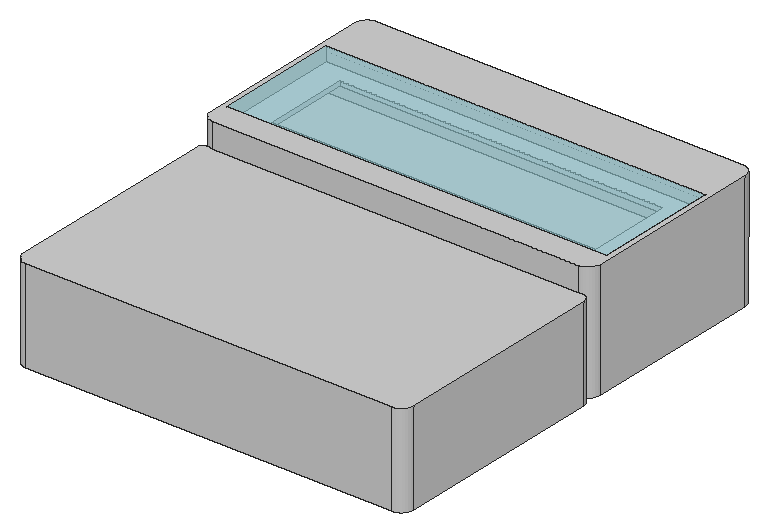
Revit family "Building-QuadriIEC309-GEWISS-68QDIN-QUADRI-14MOD_CIECO", category Apparecchi elettrici, host Superficie, Revit 2019
Family settings
  Host = Superficie
  Mantenere orientamento annotazione = Sì
  Quota connettore circolare = Usa diametro
  Tipo di parte = Normale
  Taglio con vuoti quando caricato = No
  Condiviso = No
  Punto di calcolo locali = Sì
Parameters (values of type "GW68004N - Q-DIN 14M COP.CIECO 360x320x135 IP65")
  visibilita posizionamento 2d [instance] = yes
  simbolo 2d [instance] = yes
  oggetto in pianta [instance] = not(visibilita posizionamento 2d)  # no
  distanza_simbolo [instance] = 0.1 mm
  bordo acceso [instance] = yes
  Visibilità sportello [instance] = yes
  Versione file RFA = "21.5"
  VETRO = Vetro
  URL = "https://www.gewiss.com/it/it"
  Tipologia di installazione = "Da parete"
  Tipo versione = "Vuoto"
  Termopressione con biglia = "70 °C"
  Temperatura di utilizzo = "-25 +40 °C"
  Spostamento_effettivo_S [instance] = 4000 mm - Spostamento_S  # 3000 mm
  Spostamento_S = 1000 mm
  Simbolo_quadro [instance] = not(simbolo 2d)  # no
  Scheda Tecnica = "https://www.gewiss.com/it/it/search?q=GW68004N"
  STRUTTURA ALTA = Poche
  STRUTTURA = RAL - 7035
  SEO = "Quadretto"
  Resistenza agli urti = "IK09"
  Default Elevation = 1219.2 mm
  Produttore = "GEWISS S.p.A."
  Potenza dissipabile B (W) = "64"
  Potenza dissipabile A (W) = "24"
  PRESA = rosso
  POMELLO = bianco
  N_Moduli = 14 mm
  N. prese alloggiabili = "Coperchio cieco"
  N. mod. EN 50022 = "14"
  N. coperchi ciechi in dotazione = "-"
  Modello = "GW68004N"
  L_Moduli = N_Moduli * 19  # 266 mm
  Immagine tipo = GW68004N.jpg
  IDT = "d585780b-ac8c-4f69-a7b1-54dd751465a2"
  IDF = "9309c37a-fa6c-48e9-828f-dc0c7c013670"
  Grado di protezione = "IP65"
  Glow Wire Test = "650°C"
  Descrizione = "Q-DIN 14M COP.CIECO 360x320x135 IP65"
  Creato da GEWISS S.p.A. = ""
  ConformitÃ  normativa = "EN 60208 - EN 60670-1 - IEC 60670-24"
  Colore = "Grigio RAL 7035"
  Codice Electrocod = "2242"
  Codice EAN = "8011564744752"
  Classe isolamento = "II"
  Catalogo Serie = "68 QDIN"
  Catalogo = "BUILDING"
  COBie.Tagnumber = ""
  COBie.CreatedOn = ""
  COBie.CreatebBy = ""
  COBie.ComponentRegisterItemID = ""
  COBie.Component.TagNumber = ""
  COBie.Component.Space = ""
  COBie.Component.SerialNumber = ""
  COBie.Component.InstallationDate = ""
  COBie.Component.Description = ""
  COBie.Component.BarCode = ""
Reference planes
  plane 1 "Centro (Fronte/Retro)": y = 0
  plane 2: z = 0
  plane 3 "Centro (Sinistra/Destra)": x = 0
  plane 4: x = -3000
  plane 5: x = 0
Lines and regions (mm)
  Masking region 1, visible <- "visibilita posizionamento 2d"
    outline origin (0, 0, 0) x (1, 0, 0) y (0, 0, 1)
      loop
        line (-160, 0) -> (160, 0) -> (160, 96) -> (-160, 96) -> (-160, 0)
Dimensions and locks
  plane 4 to plane 3 "Centro (Sinistra/Destra)" = 3000 mm
  "Spostamento_effettivo_S": plane 4 to plane 5
  aligned and locked: plane 2 to host face
  aligned and locked: level to host face
  aligned and locked: nested 1 to plane 5
  aligned and locked: nested 3 to plane 5
  aligned and locked: nested 2 to plane 5
  aligned and locked: plane 1 "Centro (Fronte/Retro)" to nested 2
  aligned and locked: Masking region 1 to nested 2  (x2)
Automatic sketch dimensions
  host sketch curve to host sketch curve = 2438.4 mm  (x2)
  Masking region 1 sketch curve to level = 0 mm
  Masking region 1 sketch curve to plane 3 "Centro (Sinistra/Destra)" = 160 mm
  plane 3 "Centro (Sinistra/Destra)" to Masking region 1 sketch curve = 160 mm
  Masking region 1 sketch curve to Masking region 1 sketch curve = 96 mm
Nested families
  nested 1: "CENTRALINO" at (0, 737.795, 0), BORDO ACCESO <- "bordo acceso", SIMBOLO ACCESO <- "simbolo 2d", Distanza dal muro <- "distanza_simbolo", visible <- "simbolo 2d", type "CENTRALINO"
    with SIMBOLO ACCESO yes, Distanza dal muro 0.1 mm, BORDO ACCESO yes
  nested 2: "base____68QDIN14 QUADRO DISTRIBUZ VUOTO" at (0, 192, 0), Visibilita sportello <- "Visibilità sportello", type "base____68QDIN14 QUADRO DISTRIBUZ VUOTO", detail levels medium+fine
  nested 3: "simb_CENTRALINO_BASE_cad pro" at (0, 737.795, 0), Distanza dal muro <- "distanza_simbolo", visible <- "Simbolo_quadro", SIMBOLO ACCESO <- "Simbolo_quadro", type "simb_CENTRALINO_BASE_cad pro"
    with SIMBOLO ACCESO no, Distanza dal muro 0.1 mm, BORDO ACCESO yes
Definition of nested family "base____68QDIN14 QUADRO DISTRIBUZ VUOTO"
  Parameters (values of type "base____68QDIN14 QUADRO DISTRIBUZ VUOTO")
    n_moduli = 145 mm
    h_moduli = 70 mm
    Visibilita sportello [instance] = yes
    Vetro = none
    Struttura = none
    Spessore = 96 mm
    Default Elevation = 14 mm
    Presa = none
    Larghezza = 320 mm
    IFC.TypeObject = ""
    IFC.ExportType = ""
    IFC.ExportAs = ""
    H_da terra = 589.057 mm
    COBie.CreatedOn = ""
    COBie.CreatebBy = ""
    COBie.ComponentRegisterItemID = ""
    COBie.Component.TagNumber = ""
    COBie.Component.Space = ""
    COBie.Component.SerialNumber = ""
    COBie.Component.InstallationDate = ""
    COBie.Component.Description = ""
    COBie.Component.BarCode = ""
    Altezza scatole = 350 mm
    Altezza quadro = 150 mm
    Altezza = 258 mm
  Reference planes
    plane 1 "Centro (Fronte/Retro)": y = 0
    plane 2: z = 0
    plane 3 "Centro (Sinistra/Destra)": x = 0
    plane 4: z = 62.089
    plane 5: z = 103.126
    plane 6: z = 76.196
    plane 7: x = -160
    plane 8: x = 160
    plane 9: x = -156
    plane 10: x = 156
    plane 11: y = 123.21
    plane 12: y = 21.246
    plane 13: y = 0
    plane 14: y = -192
    plane 15: y = 168
    plane 16: z = 71.196
    plane 17: y = 109
    plane 18: y = 39
    plane 19: x = -72.5
    plane 20: x = 72.5
    plane 21: z = 92.059
    plane 22: z = 96
    plane 23 "posizionamento moduli": z = 84.734
    plane 24: z = 80.558
    plane 25: y = 74
    plane 26: x = -151.65
    plane 27: x = 151.65
    plane 28: y = -131
  Forms (mm)
    Extrusion 1, solid, material <- "Struttura"
      sketch origin (0, -857.311, 0) x (1, 0, 0) y (0, 1, 0)
        loop
          arc (-150, 1025.311) -> (-157.071, 1022.382) -> (-160, 1015.311) r 10
          line (-160, 1015.311) -> (-160, 867.311)
          arc (-160, 867.311) -> (-157.071, 860.24) -> (-150, 857.311) r 10
          line (-150, 857.311) -> (150, 857.311)
          arc (150, 857.311) -> (157.071, 860.24) -> (160, 867.311) r 10
          line (160, 867.311) -> (160, 1015.311)
          arc (160, 1015.311) -> (157.071, 1022.382) -> (150, 1025.311) r 10
          line (150, 1025.311) -> (-150, 1025.311)
      from 0 to 96
    Extrusion 2, solid, material <- "Struttura"
      sketch origin (0, -857.311, 0) x (1, 0, 0) y (0, 1, 0)
        loop
          line (152.45, 857.311) -> (-156.38, 857.311)
          arc (-156.38, 857.311) -> (-158.94, 856.251) -> (-160, 853.691) r 3.62
          line (-160, 853.691) -> (-160, 675.311)
          arc (-160, 675.311) -> (-157.071, 668.24) -> (-150, 665.311) r 10
          line (-150, 665.311) -> (150, 665.311)
          arc (150, 665.311) -> (157.071, 668.24) -> (160, 675.311) r 10
          line (160, 675.311) -> (160, 849.76)
          arc (160, 849.76) -> (157.789, 855.099) -> (152.45, 857.311) r 7.55
      from 0 to 76.196
    Extrusion 3, void
      sketch origin (0, -857.311, 0) x (1, 0, 0) y (0, 1, 0)
        loop
          line (-156, 980.52) -> (-156, 878.557) -> (156, 878.557) -> (156, 980.52) -> (-156, 980.52)
      from 62.089 to 96
    Extrusion 4, solid, material <- "Vetro", visible <- "Visibilita sportello", detail levels fine
      sketch origin (0, -857.311, 0) x (1, 0, 0) y (0, 1, 0)
        loop
          line (-156, 980.52) -> (-156, 878.557) -> (156, 878.557) -> (156, 980.52) -> (-156, 980.52)
      from 92.059 to 96
    Extrusion 5, void
      sketch origin (0, 0, 0) x (1, 0, 0) y (0, 1, 0)
        loop
          line (-72.5, 39) -> (72.5, 39) -> (72.5, 109) -> (-72.5, 109) -> (-72.5, 39)
      from 80.558 to 84.734
    Extrusion 6, solid
      sketch origin (0, 0, 0) x (1, 0, 0) y (0, 1, 0)
        loop
          line (-156, 123.21) -> (-156, 21.246) -> (156, 21.246) -> (156, 123.21) -> (-156, 123.21)
      from 80.558 to 84.734
  Cuts and joins
    Extrusion 3 cuts Extrusion 1
    Extrusion 5 cuts Extrusion 6
    Extrusion 5 cuts Extrusion 4
  Lines and regions (mm)
    model lines
      curve 1: line (-72.5, 74, 84.734) -> (72.5, 74, 84.734)
  Dimensions and locks
    locked: plane 4 to plane 5 at 41.036
    locked: plane 7 to plane 9 at 4
    locked: plane 10 to plane 8 at 4
    equal spacing: plane 7, plane 3 "Centro (Sinistra/Destra)", plane 8
    "Larghezza": plane 7 to plane 8
    plane 1 "Centro (Fronte/Retro)" to plane 15 = 168 mm
    plane 14 to plane 13 = 192 mm
    plane 12 to plane 1 "Centro (Fronte/Retro)" = 21.246 mm
    plane 11 to plane 15 = 44.79 mm
    locked: plane 6 to plane 16 at 5
    locked: plane 15 to plane 17 at 59
    "h_moduli": plane 17 to plane 18
    equal spacing: plane 19, plane 3 "Centro (Sinistra/Destra)", plane 20
    "n_moduli": plane 19 to plane 20
    locked: plane 22 to plane 21 at 3.941
    plane 6 to plane 2 = 76.196 mm
    locked: plane 21 to plane 23 "posizionamento moduli" at 7.325
    locked: plane 23 "posizionamento moduli" to plane 24 at 4.176
    equal spacing: plane 17, plane 25, plane 18
    locked: plane 7 to plane 26 at 8.35
    locked: plane 27 to plane 8 at 8.35
    plane 14 to plane 15 = 360 mm
    radius of Extrusion 2 sketch curve = 10 mm  (x2)
    radius of Extrusion 2 sketch curve = 3.62 mm
    radius of Extrusion 2 sketch curve = 7.55 mm
    radius of Extrusion 1 sketch curve = 10 mm  (x4)
    aligned and locked: level to plane 2
    aligned and locked: cut or joined group of Extrusion 1, Extrusion 3 to plane 4  (x2)
    aligned and locked: Extrusion 2 to plane 6
    aligned and locked: plane 7 to Extrusion 2 sketch curve
    aligned and locked: plane 8 to Extrusion 2 sketch curve
    aligned and locked: plane 8 to Extrusion 1 sketch curve
    aligned and locked: plane 7 to Extrusion 1 sketch curve
    aligned and locked: Extrusion 4 sketch curve to plane 9
    aligned and locked: Extrusion 4 sketch curve to plane 10
    aligned and locked: Extrusion 3 sketch curve to plane 9
    aligned and locked: Extrusion 3 sketch curve to plane 10
    aligned and locked: Extrusion 4 sketch curve to plane 11
    aligned and locked: Extrusion 4 sketch curve to plane 12
    aligned and locked: Extrusion 3 sketch curve to plane 11
    aligned and locked: Extrusion 3 sketch curve to plane 12
    aligned and locked: plane 13 to Extrusion 1 sketch curve
    aligned and locked: Extrusion 2 sketch curve to plane 13
    aligned and locked: plane 14 to Extrusion 2 sketch curve
    aligned and locked: plane 1 "Centro (Fronte/Retro)" to plane 13
    aligned and locked: plane 15 to Extrusion 1 sketch curve
    aligned and locked: Extrusion 5 sketch curve to plane 19
    aligned and locked: Extrusion 5 sketch curve to plane 17
    aligned and locked: Extrusion 5 sketch curve to plane 18
    aligned and locked: Extrusion 5 sketch curve to plane 20
    aligned and locked: plane 22 to cut or joined group of Extrusion 1, Extrusion 3
    aligned and locked: plane 23 "posizionamento moduli" to Extrusion 5
    aligned and locked: Extrusion 5 to plane 24
    aligned and locked: Extrusion 6 sketch curve to plane 11
    aligned and locked: Extrusion 6 sketch curve to plane 12
    aligned and locked: Extrusion 6 to plane 24
    aligned and locked: plane 23 "posizionamento moduli" to Extrusion 6
    aligned and locked: Extrusion 6 sketch curve to Extrusion 4  (x2)
    aligned and locked: plane 25 to curve 1
  Automatic sketch dimensions
    curve 1 to plane 19 = 0 mm
    curve 1 to plane 20 = 0 mm
Definition of nested family "CENTRALINO"
  Parameters (values of type "CENTRALINO")
    SIMBOLO ACCESO [instance] = yes
    Distanza dal muro [instance] = 0 mm
    BORDO ACCESO [instance] = yes
  Reference planes
    plane 1: y = 0
    plane 2: x = 0
  Dimensions and locks
    "Distanza dal muro": plane 1 to nested 1
    aligned and locked: plane 2 to nested 1
  Nested families
    nested 1: "CENTRALINO_BASE" at (0, 0, 0), BORDO ACCESO <- "BORDO ACCESO", visible <- "SIMBOLO ACCESO", type "CENTRALINO"
      with BORDO ACCESO yes
  Definition of nested family "CENTRALINO_BASE"
    Parameters (values of type "CENTRALINO")
      Distanza dal muro = 0 mm
      BORDO ACCESO [instance] = yes
    Reference planes
      plane 1: y = 0
      plane 2: x = 0
    Lines and regions (mm)
      detail lines, visible <- "BORDO ACCESO", not visible
        curve 1: line (-2.443, 10.208, 0) -> (2.057, 10.208, 0)
        curve 2: line (2.057, 10.208, 0) -> (2.057, 4.208, 0)
        curve 3: line (2.057, 4.208, 0) -> (-2.443, 4.208, 0)
        curve 4: line (-2.443, 4.208, 0) -> (-2.443, 10.208, 0)
        curve 5: line (-2.043, 9.808, 0) -> (1.657, 9.808, 0)
        curve 6: line (1.657, 9.808, 0) -> (1.657, 4.608, 0)
        curve 7: line (1.657, 4.608, 0) -> (-2.043, 4.608, 0)
        curve 8: line (-2.043, 4.608, 0) -> (-2.043, 9.808, 0)
      detail lines
        curve 9: line (0, 0.671, 0) -> (0, 0, 0)
        curve 10: line (0.659, 0.671, 0) -> (0.659, 1.33, 0)
        curve 11: line (0.659, 1.33, 0) -> (-0.659, 1.33, 0)
        curve 12: line (-0.659, 1.33, 0) -> (-0.659, 0.671, 0)
        curve 13: line (-0.659, 0.671, 0) -> (0.659, 0.671, 0)
        curve 14: line (0.497, 1.33, 0) -> (0.497, 2, 0)
        curve 15: line (0.167, 1.33, 0) -> (0.167, 2, 0)
        curve 16: line (-0.162, 1.33, 0) -> (-0.162, 2, 0)
        curve 17: line (-0.491, 1.33, 0) -> (-0.491, 2, 0)
Definition of nested family "simb_CENTRALINO_BASE_cad pro"
  Parameters (values of type "simb_CENTRALINO_BASE_cad pro")
    SIMBOLO ACCESO [instance] = yes
    Distanza dal muro [instance] = 0 mm
    BORDO ACCESO [instance] = yes
  Reference planes
    plane 1: y = 0
    plane 2: x = 0
  Dimensions and locks
    "Distanza dal muro": plane 1 to nested 1
    aligned and locked: plane 2 to nested 1
  Nested families
    nested 1: "CENTRALINO_BASE_cad pro" at (0, 0, 0), type "CENTRALINO"
  Definition of nested family "CENTRALINO_BASE_cad pro"
    Parameters (values of type "CENTRALINO")
      Distanza dal muro = 0 mm
    Reference planes
      plane 1: y = 0
      plane 2: x = 0
    Lines and regions (mm)
      detail lines
        curve 1: line (1.33, 1.33, 0) -> (2.109, 1.33, 0)
        curve 2: line (2.109, 1.33, 0) -> (2.109, 0, 0)
        curve 3: line (2.109, 0, 0) -> (1.33, 0, 0)
        curve 4: line (1.33, 0, 0) -> (-1.33, 1.33, 0)
        curve 5: line (-1.33, 1.33, 0) -> (1.33, 1.33, 0)
        curve 6: line (1.33, 1.33, 0) -> (1.33, 0, 0)
        curve 7: line (1.33, 0, 0) -> (-1.33, 0, 0)
        curve 8: line (-1.33, 0, 0) -> (-1.33, 1.33, 0)
        curve 9: line (1.461, 0.665, 0) -> (1.977, 0.665, 0)
        curve 10: line (1.719, 0.665, 0) -> (1.719, 1.01, 0)
        curve 11: arc (1.977, 0.406, 0) -> (1.719, 0.665, 0) -> (1.461, 0.406, 0) r 0.258
